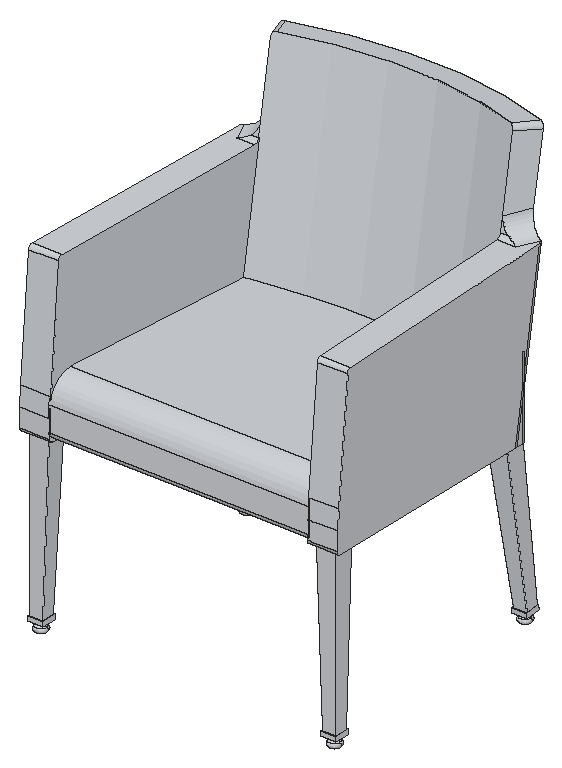
Revit family "Falcon-Metal-Tufgrain_9507-1", category Furniture, Revit 2017
Family settings
  OmniClass Number = 23.40.20.00
  Work Plane-Based = No
  Always vertical = Yes
  Cut with Voids When Loaded = No
  Shared = No
  Room Calculation Point = No
Parameters (values of type "9507-1")
  Width = 640.00 mm
  URL = "URL"
  Seat Material [instance] = none
  Product Documentation Link = "URL"
  Model = "9507-1 Lounge Chair"
  Manufacturer = "Falcon"
  Leg Material [instance] = none
  Inside Backrest Material [instance] = none
  Height = 880.00 mm
  Frame Material [instance] = none
  Description = "Tufgrain lounge chair"
  Depth = 646.00 mm
  Copyright © = "Inc"
  Outside Backrest Material [instance] = none
  Assembly Code = "E2020200"
Reference planes
  plane 1 "Center (Front/Back)": y = 0
  plane 2: z = 0
  plane 3 "Center (Left/Right)": x = 0
  plane 4: x = -320
  plane 5: y = -323
  plane 6: y = 323
  plane 7: x = 320
  plane 8: through (-246.936, 123.882, 1200) normal (-0.9994, 0.0349, 0)
  plane 9: through (-269.33, 252.635, 1200) normal (0.9135, 0.4067, 0)
  plane 10: through (-182.965, 58.657, 1200) normal (0.4067, -0.9135, 0)
Forms (mm)
  SweptBlend 1, solid, material <- "Leg Material"
    path origin (-355, -323, 1200) x (-1, 0, 0) y (0, 0, 1)
      loop
        line (-35, -790.071) -> (-35, -1181.88)
    profile origin (-320, -323, 409.929) x (0, 1, 0) y (-1, 0, 0)
      loop
        line (10.043, -10.043) -> (10.043, -50.214) -> (49.757, -50.214) -> (49.757, -10.043) -> (10.043, -10.043)
    end profile origin (-320, -323, 18.12) x (0, 1, 0) y (-1, 0, 0)
      loop
        line (35.643, -10.043) -> (10.043, -10.043) -> (10.043, -35.643) -> (35.643, -35.643) -> (35.643, -10.043)
  SweptBlend 2, solid, material <- "Leg Material"
    path origin (355, -323, 1200) x (1, 0, 0) y (0, 0, -1)
      loop
        line (-35, 790.071) -> (-35, 1181.88)
    profile origin (320, -323, 409.929) x (0, 1, 0) y (-1, 0, 0)
      loop
        line (10.043, 10.043) -> (49.757, 10.043) -> (49.757, 50.214) -> (10.043, 50.214) -> (10.043, 10.043)
    end profile origin (320, -323, 18.12) x (0, 1, 0) y (-1, 0, 0)
      loop
        line (35.643, 10.043) -> (35.643, 35.643) -> (10.043, 35.643) -> (10.043, 10.043) -> (35.643, 10.043)
  SweptBlend 3, solid, material <- "Leg Material"
    path origin (-339.765, 717.479, 1198.004) x (-1, 0, 0) y (0, 0, -1)
      loop
        line (-34.712, 839.829) -> (-34.712, 1179.914)
    profile origin (-305.054, 717.479, 358.175) x (0, -1, 0) y (1, 0, 0)
      loop
        line (542.66, 10.043) -> (582.375, 10.043) -> (582.375, 50.214) -> (542.66, 50.214) -> (542.66, 10.043)
    end profile origin (-305.054, 717.479, 18.089) x (0, -1, 0) y (1, 0, 0)
      loop
        line (528.768, 10.043) -> (528.768, 35.643) -> (503.168, 35.643) -> (503.168, 10.043) -> (528.768, 10.043)
  Extrusion 4, void
    sketch origin (0, 0, 0) x (0, 1, 0) y (0, 0, 1)
      loop
        line (225.115, 29.672) -> (185.279, 26.05) -> (185.279, 27.775) -> (-323, 27.775) -> (-323, 0) -> (225.115, 0) -> (225.115, 29.672)
    from -320 to 320
  Extrusion 5, solid, material <- "Seat Material"
    sketch origin (0, 0, 0) x (0, 1, 0) y (0, 0, 1)
      loop
        arc (209.594, 456.621) -> (-31.703, 476.171) -> (-273.757, 480.25) r 3783.679
        arc (-273.757, 480.25) -> (-308.622, 465.343) -> (-323, 430.256) r 50
        line (-323, 430.256) -> (-323, 379.683)
        arc (-323, 379.683) -> (-320.19, 372.733) -> (-313.338, 369.689) r 10
        line (-313.338, 369.689) -> (209.594, 351.984) -> (209.594, 456.621)
    from -320 to 320
  Extrusion 6, void
    sketch origin (-279.088, 214.52, 344.758) x (-1, 0, 0) y (0, -1, 0)
      loop
        line (-15.138, 577.865) -> (-543.039, 577.865) -> (-525.27, 69.049)
        spline (-525.27, 69.049) -> (-484.669, 61.55) -> (-443.834, 55.403) -> (-402.811, 50.614) -> (-361.648, 47.19) -> (-320.392, 45.134) -> (-279.088, 44.448) -> (-237.785, 45.134) -> (-196.528, 47.19) -> (-155.365, 50.614) -> (-114.343, 55.403) -> (-73.508, 61.55) -> (-32.906, 69.049)
        line (-32.906, 69.049) -> (-15.138, 577.865)
      loop
        line (77.955, -151.147) -> (77.955, 628.853) -> (-652.045, 628.853) -> (-652.045, -151.147) -> (77.955, -151.147)
    from -47.277 to 250
  Extrusion 7, solid, material <- "Inside Backrest Material"
    sketch origin (0, 232.056, 283.179) x (0, -0.984808, 0.173648) y (1, 0, 0)
      loop
        arc (85.134, 299.229) -> (9.728, 0) -> (85.134, -299.229) r 631.409
        arc (85.134, -299.229) -> (88.66, -302.982) -> (93.585, -304.483) r 10
        line (93.585, -304.483) -> (618.765, -323.106) -> (618.765, -262.599) -> (116.789, -244.799)
        arc (116.789, -244.799) -> (62.339, 0) -> (116.789, 244.799) r 577.509
        line (116.789, 244.799) -> (618.765, 262.599) -> (618.765, 323.106) -> (93.585, 304.483)
        arc (93.585, 304.483) -> (88.66, 302.982) -> (85.134, 299.229) r 10
    from -30.33 to 583.779
  Extrusion 8, void
    sketch origin (0, 0, 0) x (0, 1, 0) y (0, 0, 1)
      loop
        arc (176.684, 689.301) -> (183.112, 691.641) -> (186.532, 697.565) r 10
        line (186.532, 697.565) -> (241.954, 1011.88) -> (-429.859, 1011.88) -> (-429.859, 226.015) -> (277.874, 226.015) -> (277.874, 341.015) -> (-315.601, 361.107)
        arc (-315.601, 361.107) -> (-320.848, 363.439) -> (-323, 368.762) r 7.659
        line (-323, 368.762) -> (-323, 406.923)
        arc (-323, 406.923) -> (-322.546, 426.51) -> (-321.186, 446.054) r 423
        line (-321.186, 446.054) -> (-299.321, 681.404)
        arc (-299.321, 681.404) -> (-296.518, 687.031) -> (-290.656, 689.301) r 8.702
        line (-290.656, 689.301) -> (176.684, 689.301)
    from -454.128 to 470.004
  Extrusion 9, void
    sketch origin (-182.965, 58.657, 1200) x (0.913545, 0.406737, 0) y (0, 0, 1)
      loop
        line (9.274, -310.699) -> (-200, -310.699) -> (-200, -510.699) -> (-42.303, -510.699)
        arc (-42.303, -510.699) -> (-15.05, -499.977) -> (-2.406, -473.56) r 40
        line (-2.406, -473.56) -> (9.274, -310.699)
    from -259.853 to 250
  Extrusion 10, void
    sketch origin (182.965, 58.657, 1200) x (-0.913545, 0.406737, 0) y (0, 0, -1)
      loop
        line (9.274, 310.699) -> (-2.406, 473.56)
        arc (-2.406, 473.56) -> (-15.05, 499.977) -> (-42.303, 510.699) r 40
        line (-42.303, 510.699) -> (-200, 510.699) -> (-200, 310.699) -> (9.274, 310.699)
    from -259.853 to 250
  Sweep 11, void
    path origin (0, 333.428, 858.089) x (0, -0.984808, 0.173648) y (1, 0, 0)
      loop
        line (120.327, -243.2) -> (64.922, -268.248)
    profile origin (-255.724, 242.21, 874.174) x (-0.911205, -0.405695, 0.071535) y (0, 0.173648, 0.984808)
      loop
        line (3.492, -10) -> (3.492, 3.429) -> (-10, 3.429) -> (-10, 0)
        arc (-10, 0) -> (-2.929, -2.929) -> (0, -10) r 10
        line (0, -10) -> (3.492, -10)
  Sweep 12, void
    path origin (0, 333.428, 858.089) x (0, -0.984808, 0.173648) y (1, 0, 0)
      loop
        line (120.327, 243.2) -> (64.922, 268.248)
    profile origin (255.724, 242.21, 874.174) x (-0.911205, 0.405695, -0.071535) y (0, 0.173648, 0.984808)
      loop
        line (-3.492, -10) -> (0, -10)
        arc (0, -10) -> (2.929, -2.929) -> (10, 0) r 10
        line (10, 0) -> (10, 3.429) -> (-3.492, 3.429) -> (-3.492, -10)
  Extrusion 13, solid, material <- "Outside Backrest Material"
    sketch origin (0, 0, 0) x (1, 0, 0) y (0, 1, 0)
      loop
        arc (-304.482, 142.42) -> (1.105, 216.365) -> (304.482, 133.818) r 631.615
        line (304.482, 133.818) -> (304.482, 165.571)
        arc (304.482, 165.571) -> (303.045, 170.738) -> (299.145, 174.418) r 10
        arc (299.145, 174.418) -> (0, 248.422) -> (-299.145, 174.418) r 641.615
        arc (-299.145, 174.418) -> (-303.045, 170.738) -> (-304.482, 165.571) r 10
        line (-304.482, 165.571) -> (-304.482, 142.42)
    from 337.618 to 518.92
  SweptBlend 14, solid, material <- "Leg Material"
    path origin (339.765, 717.479, 1198.004) x (1, 0, 0) y (0, 0, 1)
      loop
        line (-34.712, -839.829) -> (-34.712, -1179.914)
    profile origin (305.054, 717.479, 358.175) x (0, -1, 0) y (1, 0, 0)
      loop
        line (542.66, -10.043) -> (542.66, -50.214) -> (582.375, -50.214) -> (582.375, -10.043) -> (542.66, -10.043)
    end profile origin (305.054, 717.479, 18.089) x (0, -1, 0) y (1, 0, 0)
      loop
        line (528.768, -10.043) -> (503.168, -10.043) -> (503.168, -35.643) -> (528.768, -35.643) -> (528.768, -10.043)
  Extrusion 15, solid
    sketch origin (0, -287.009, 27.775) x (-1, 0, 0) y (0, 1, 0)
      loop
        line (311.957, 2) -> (281.998, 2) -> (281.998, -27.948) -> (311.957, -27.948) -> (311.957, 2)
      loop
        line (-281.998, 2) -> (-311.957, 2) -> (-311.957, -27.948) -> (-281.998, -27.948) -> (-281.998, 2)
    from 0 to 9.972
  Revolve 16, solid
    sketch origin (-311.957, -299.983, 1200) x (-1, 0, 0) y (0, 0, 1)
      loop
        line (-14.98, -1181.88) -> (-14.98, -1200) -> (-6.423, -1200)
        arc (-6.423, -1200) -> (-2.217, -1196.845) -> (-4.068, -1191.923) r 4.382
        arc (-4.068, -1191.923) -> (-8.025, -1187.601) -> (-9.291, -1181.88) r 11.317
        line (-9.291, -1181.88) -> (-14.98, -1181.88)
      axis (-14.98, -1200) -> (-14.98, -1181.88)
    angle from 0 to 360
  Revolve 17, solid
    sketch origin (311.957, -299.983, 1200) x (1, 0, 0) y (0, 0, -1)
      loop
        line (-14.98, 1181.88) -> (-9.291, 1181.88)
        arc (-9.291, 1181.88) -> (-8.025, 1187.601) -> (-4.068, 1191.923) r 11.317
        arc (-4.068, 1191.923) -> (-2.217, 1196.845) -> (-6.423, 1200) r 4.382
        line (-6.423, 1200) -> (-14.98, 1200) -> (-14.98, 1181.88)
      axis (-14.98, 1200) -> (-14.98, 1181.88)
    angle from 0 to 360
  Revolve 18, solid
    sketch origin (-296.687, 201.267, 1200) x (-1, 0, 0) y (0, 0, 1)
      loop
        line (-14.98, -1181.88) -> (-14.98, -1200) -> (-6.423, -1200)
        arc (-6.423, -1200) -> (-2.217, -1196.845) -> (-4.068, -1191.923) r 4.382
        arc (-4.068, -1191.923) -> (-8.025, -1187.601) -> (-9.291, -1181.88) r 11.317
        line (-9.291, -1181.88) -> (-14.98, -1181.88)
      axis (-14.98, -1200) -> (-14.98, -1181.88)
    angle from 0 to 360
  Extrusion 19, solid
    sketch origin (0, 225.115, 29.672) x (0, -0.995893, -0.090536) y (-1, 0, 0)
      loop
        line (10.071, 297.011) -> (10.071, 266.954) -> (39.845, 267.069) -> (39.845, 297.011) -> (10.071, 297.011)
    from 0 to 10.316
  Revolve 20, solid
    sketch origin (296.687, 201.267, 1200) x (1, 0, 0) y (0, 0, -1)
      loop
        line (-14.98, 1181.88) -> (-9.291, 1181.88)
        arc (-9.291, 1181.88) -> (-8.025, 1187.601) -> (-4.068, 1191.923) r 11.317
        arc (-4.068, 1191.923) -> (-2.217, 1196.845) -> (-6.423, 1200) r 4.382
        line (-6.423, 1200) -> (-14.98, 1200) -> (-14.98, 1181.88)
      axis (-14.98, 1200) -> (-14.98, 1181.88)
    angle from 0 to 360
  Extrusion 21, solid
    sketch origin (0, 225.115, 29.672) x (0, -0.995893, -0.090536) y (-1, 0, 0)
      loop
        line (10.071, -297.011) -> (39.845, -297.011) -> (39.845, -267.069) -> (10.071, -266.954) -> (10.071, -297.011)
    from 0 to 10.316
Cuts and joins
  Extrusion 4 cuts SweptBlend 3
  Extrusion 4 cuts SweptBlend 1
  Extrusion 4 cuts SweptBlend 2
  Extrusion 6 cuts Extrusion 5
  Extrusion 8, Extrusion 9, Extrusion 10, Sweep 11, Sweep 12 cuts Extrusion 7
  Extrusion 8 cuts Extrusion 13
  Extrusion 4 cuts SweptBlend 14
Lines and regions (mm)
  Masking region 1
    outline origin (0, 0, 0) x (1, 0, 0) y (0, 1, 0)
      loop
        line (-304.483, 208.637) -> (-320, -323) -> (320, -323) -> (304.483, 208.637)
        arc (304.483, 208.637) -> (302.984, 213.634) -> (299.207, 217.234) r 10.183
        spline (299.207, 217.234) -> (294.836, 219.669) -> (290.622, 222.082) -> (286.557, 224.482) -> (282.711, 226.834) -> (279.166, 229.096) -> (275.974, 231.241) -> (273.184, 233.247) -> (270.836, 235.09) -> (268.971, 236.748) -> (267.619, 238.198) -> (266.804, 239.419) -> (266.524, 240.417)
        line (266.524, 240.417) -> (266.524, 264.001)
        spline (266.524, 264.001) -> (266.444, 264.264) -> (266.21, 264.592) -> (265.825, 264.98) -> (265.296, 265.421) -> (264.632, 265.908) -> (263.844, 266.433) -> (262.947, 266.986) -> (261.954, 267.557) -> (260.884, 268.138) -> (259.755, 268.717) -> (258.585, 269.286) -> (257.396, 269.835)
        spline (257.396, 269.835) -> (216.448, 286.17) -> (174.441, 299.646) -> (131.58, 310.196) -> (88.074, 317.769) -> (44.137, 322.326) -> (-0.016, 323.848) -> (-44.169, 322.324) -> (-88.105, 317.764) -> (-131.61, 310.189) -> (-174.471, 299.637) -> (-216.478, 286.159) -> (-257.425, 269.822)
        spline (-257.425, 269.822) -> (-258.612, 269.274) -> (-259.778, 268.706) -> (-260.904, 268.127) -> (-261.971, 267.548) -> (-262.96, 266.978) -> (-263.855, 266.426) -> (-264.639, 265.903) -> (-265.301, 265.418) -> (-265.828, 264.978) -> (-266.211, 264.591) -> (-266.444, 264.263) -> (-266.524, 264.001)
        line (-266.524, 264.001) -> (-266.524, 240.417)
        spline (-266.524, 240.417) -> (-266.804, 239.419) -> (-267.619, 238.198) -> (-268.971, 236.748) -> (-270.836, 235.09) -> (-273.184, 233.247) -> (-275.974, 231.241) -> (-279.166, 229.096) -> (-282.711, 226.834) -> (-286.557, 224.482) -> (-290.622, 222.082) -> (-294.836, 219.669) -> (-299.207, 217.234)
        arc (-299.207, 217.234) -> (-302.984, 213.634) -> (-304.483, 208.637) r 10.183
  symbolic lines, detail levels medium+fine
    curve 1: line (-262.541, -323, 0) -> (-243.616, 218.956, 0)
    curve 2: line (243.616, 218.956, 0) -> (262.541, -323, 0)
    curve 3: spline (-246.182, 145.471, 0) -> (-205.58, 152.97, 0) -> (-164.745, 159.117, 0) -> (-123.723, 163.906, 0) -> (-82.56, 167.33, 0) -> (-41.304, 169.386, 0) -> (0, 170.072, 0) -> (41.304, 169.386, 0) -> (82.56, 167.33, 0) -> (123.723, 163.906, 0) -> (164.745, 159.117, 0) -> (205.58, 152.97, 0) -> (246.182, 145.471, 0)
    curve 4: spline (-243.616, 218.956, 0) -> (-205.005, 234.996, 0) -> (-165.314, 248.236, 0) -> (-124.753, 258.607, 0) -> (-83.536, 266.055, 0) -> (-41.878, 270.539, 0) -> (0, 272.036, 0) -> (41.878, 270.539, 0) -> (83.536, 266.055, 0) -> (124.753, 258.607, 0) -> (165.314, 248.236, 0) -> (205.005, 234.996, 0) -> (243.616, 218.956, 0)
Dimensions and locks
  equal spacing: plane 5, plane 1 "Center (Front/Back)", plane 6
  equal spacing: plane 4, plane 3 "Center (Left/Right)", plane 7
  "Width": plane 4 to plane 7
  "Depth": plane 5 to plane 6
  radius of Extrusion 5 sketch curve = 50.00 mm
  radius of Extrusion 5 sketch curve = 10.00 mm
  radius of Extrusion 8 sketch curve = 7.659 mm
  aligned and locked: level to plane 2
  aligned and locked: plane 3 "Center (Left/Right)" to nested 1
  aligned and locked: plane 1 "Center (Front/Back)" to nested 1
  aligned and locked: Extrusion 4 to plane 4
  aligned and locked: Extrusion 4 to plane 7
  aligned and locked: Extrusion 5 to plane 7
  aligned and locked: Extrusion 5 to plane 4
Automatic sketch dimensions
  SweptBlend 1 sketch curve to plane 4 = 0.00 mm
  level to SweptBlend 1 sketch curve = 18.12 mm
  SweptBlend 1 sketch curve to SweptBlend 1 sketch curve = 391.808 mm
  plane 5 to SweptBlend 1 sketch curve = 10.043 mm  (x2)
  profile plane to SweptBlend 1 sketch curve = 10.043 mm  (x2)
  SweptBlend 1 sketch curve to SweptBlend 1 sketch curve = 25.60 mm  (x2)
  SweptBlend 1 sketch curve to SweptBlend 1 sketch curve = 39.715 mm
  SweptBlend 1 sketch curve to SweptBlend 1 sketch curve = 40.171 mm
  plane 7 to SweptBlend 2 sketch curve = 0.00 mm
  level to SweptBlend 2 sketch curve = 409.929 mm
  level to SweptBlend 2 sketch curve = 18.12 mm
  plane 5 to SweptBlend 2 sketch curve = 10.043 mm  (x2)
  SweptBlend 2 sketch curve to profile plane = 10.043 mm  (x2)
  SweptBlend 2 sketch curve to SweptBlend 2 sketch curve = 25.60 mm  (x2)
  SweptBlend 2 sketch curve to SweptBlend 2 sketch curve = 39.715 mm
  SweptBlend 2 sketch curve to SweptBlend 2 sketch curve = 40.171 mm
  plane 4 to SweptBlend 3 sketch curve = 14.946 mm
  level to SweptBlend 3 sketch curve = 358.175 mm
  level to SweptBlend 3 sketch curve = 18.089 mm
  SweptBlend 3 sketch curve to profile plane = 10.043 mm  (x2)
  profile plane to SweptBlend 3 sketch curve = 503.168 mm
  SweptBlend 3 sketch curve to SweptBlend 3 sketch curve = 25.60 mm  (x2)
  SweptBlend 3 sketch curve to profile plane = 50.214 mm
  profile plane to SweptBlend 3 sketch curve = 542.66 mm
  SweptBlend 3 sketch curve to SweptBlend 3 sketch curve = 39.715 mm
  Extrusion 4 sketch curve to plane 5 = 0.00 mm
  Extrusion 4 sketch curve to level = 0.00 mm
  level to Extrusion 4 sketch curve = 27.775 mm
  plane 6 to Extrusion 4 sketch curve = 137.721 mm
  Extrusion 4 sketch curve to Extrusion 4 sketch curve = 39.836 mm
  Extrusion 4 sketch curve to Extrusion 4 sketch curve = 1.724 mm
  level to Extrusion 4 sketch curve = 29.672 mm
  Extrusion 5 sketch curve to plane 5 = 0.00 mm
  plane 5 to Extrusion 5 sketch curve = 9.662 mm
  plane 6 to Extrusion 5 sketch curve = 113.406 mm
  Extrusion 5 sketch curve to level = 3302.995 mm
  level to Extrusion 5 sketch curve = 351.984 mm
  Extrusion 5 sketch curve to Extrusion 5 sketch curve = 50.573 mm
  Extrusion 5 sketch curve to Extrusion 5 sketch curve = 104.637 mm
  Extrusion 6 sketch curve to plane 3 "Center (Left/Right)" = 0.00 mm
  Extrusion 6 sketch curve to plane 8 = 0.00 mm  (x2)
  plane 7 to Extrusion 6 sketch curve = 73.818 mm
  plane 7 to Extrusion 6 sketch curve = 56.05 mm
  Extrusion 6 sketch curve to plane 7 = 52.957 mm
  plane 4 to Extrusion 6 sketch curve = 73.818 mm
  Extrusion 6 sketch curve to plane 5 = 40.345 mm
  Extrusion 6 sketch curve to plane 4 = 37.043 mm
  Extrusion 6 sketch curve to plane 6 = 42.666 mm
  Extrusion 6 sketch curve to plane 5 = 91.334 mm
  Extrusion 6 sketch curve to plane 4 = 905.543 mm
  Extrusion 6 sketch curve to plane 5 = 713.853 mm
  Extrusion 7 sketch curve to plane 3 "Center (Left/Right)" = 0.00 mm
  plane 7 to Extrusion 7 sketch curve = 15.517 mm
  plane 4 to Extrusion 7 sketch curve = 15.517 mm
  Extrusion 7 sketch curve to Extrusion 7 sketch curve = 0.00 mm  (x3)
  Extrusion 7 sketch curve to Extrusion 7 sketch curve = 0.354 mm  (x2)
  plane 4 to Extrusion 7 sketch curve = 75.201 mm
  Extrusion 7 sketch curve to Extrusion 7 sketch curve = 22.85 mm
  plane 7 to Extrusion 7 sketch curve = 75.201 mm
  Extrusion 7 sketch curve to plane 4 = 3.106 mm
  Extrusion 7 sketch curve to Extrusion 7 sketch curve = 501.976 mm  (x2)
  Extrusion 7 sketch curve to plane 7 = 3.106 mm
  Extrusion 7 sketch curve to Extrusion 7 sketch curve = 21.083 mm
  plane 3 "Center (Left/Right)" to Extrusion 7 sketch curve = 0.00 mm
  Extrusion 7 sketch curve to Extrusion 7 sketch curve = 1.289 mm
  Extrusion 7 sketch curve to Extrusion 7 sketch curve = 9.994 mm  (x2)
  plane 4 to Extrusion 7 sketch curve = 57.401 mm
  plane 7 to Extrusion 7 sketch curve = 57.401 mm
  Extrusion 7 sketch curve to Extrusion 7 sketch curve = 8.451 mm
  Extrusion 8 sketch curve to plane 5 = 0.00 mm
  Extrusion 8 sketch curve to plane 5 = 106.859 mm
  plane 5 to Extrusion 8 sketch curve = 1.814 mm
  plane 5 to Extrusion 8 sketch curve = 7.399 mm
  Extrusion 8 sketch curve to plane 1 "Center (Front/Back)" = 100.00 mm
  plane 6 to Extrusion 8 sketch curve = 146.316 mm
  Extrusion 8 sketch curve to Extrusion 8 sketch curve = 9.848 mm
  plane 6 to Extrusion 8 sketch curve = 81.046 mm
  plane 6 to Extrusion 8 sketch curve = 45.126 mm
  level to Extrusion 8 sketch curve = 226.015 mm
  Extrusion 8 sketch curve to Extrusion 8 sketch curve = 115.00 mm
  Extrusion 8 sketch curve to Extrusion 8 sketch curve = 38.162 mm
  Extrusion 8 sketch curve to Extrusion 8 sketch curve = 8.264 mm
  Extrusion 8 sketch curve to Extrusion 8 sketch curve = 314.316 mm
  Extrusion 9 sketch curve to plane 9 = 200.00 mm
  Extrusion 9 sketch curve to plane 9 = 42.303 mm
  Extrusion 9 sketch curve to plane 9 = 2.406 mm
  plane 9 to Extrusion 9 sketch curve = 9.274 mm
  level to Extrusion 9 sketch curve = 689.301 mm
  Extrusion 9 sketch curve to Extrusion 9 sketch curve = 37.139 mm
  level to Extrusion 10 sketch curve = 689.301 mm
  Extrusion 10 sketch curve to Extrusion 10 sketch curve = 157.697 mm
  level to Extrusion 10 sketch curve = 726.44 mm
  Extrusion 10 sketch curve to Extrusion 10 sketch curve = 39.898 mm
  Extrusion 10 sketch curve to Extrusion 10 sketch curve = 11.68 mm
  Sweep 11 sketch curve to Extrusion 7 = 553.843 mm
  Sweep 11 sketch curve to Extrusion 7 = 25.272 mm
  Sweep 11 sketch curve to Sweep 11 sketch curve = 55.405 mm
  Sweep 11 sketch curve to Sweep 11 sketch curve = 25.048 mm
  profile plane to Sweep 11 sketch curve = 0.00 mm
  Sweep 11 sketch curve to profile plane = 0.00 mm
  profile plane to Sweep 11 sketch curve = 10.00 mm
  Sweep 11 sketch curve to profile plane = 3.492 mm
  Sweep 11 sketch curve to Sweep 11 sketch curve = 3.429 mm
  Sweep 12 sketch curve to Extrusion 7 = 553.843 mm
  Sweep 12 sketch curve to Extrusion 7 = 498.438 mm
  Extrusion 7 to Sweep 12 sketch curve = 1.724 mm
  Sweep 12 sketch curve to Sweep 12 sketch curve = 25.048 mm
  Sweep 12 sketch curve to profile plane = 0.00 mm
  profile plane to Sweep 12 sketch curve = 0.00 mm
  Sweep 12 sketch curve to Sweep 12 sketch curve = 3.492 mm
  Sweep 12 sketch curve to profile plane = 10.00 mm
  Sweep 12 sketch curve to Sweep 12 sketch curve = 3.429 mm
  Extrusion 13 sketch curve to plane 3 "Center (Left/Right)" = 0.00 mm
  Extrusion 13 sketch curve to plane 3 "Center (Left/Right)" = 7.816 mm
  plane 4 to Extrusion 13 sketch curve = 25.518 mm
  Extrusion 13 sketch curve to Extrusion 13 sketch curve = 10.00 mm
  plane 7 to Extrusion 13 sketch curve = 25.518 mm
  plane 7 to Extrusion 13 sketch curve = 15.518 mm
  Extrusion 13 sketch curve to plane 5 = 92.187 mm
  Extrusion 13 sketch curve to Extrusion 13 sketch curve = 21.995 mm
  Extrusion 13 sketch curve to plane 1 "Center (Front/Back)" = 133.818 mm
  Extrusion 13 sketch curve to Extrusion 13 sketch curve = 31.753 mm
  Extrusion 13 sketch curve to Extrusion 13 sketch curve = 23.151 mm
  Extrusion 13 sketch curve to Extrusion 13 sketch curve = 0.00 mm
  plane 7 to SweptBlend 14 sketch curve = 14.946 mm
  level to SweptBlend 14 sketch curve = 18.089 mm
  SweptBlend 14 sketch curve to SweptBlend 14 sketch curve = 340.086 mm
  profile plane to SweptBlend 14 sketch curve = 10.043 mm  (x2)
  profile plane to SweptBlend 14 sketch curve = 503.168 mm
  SweptBlend 14 sketch curve to SweptBlend 14 sketch curve = 25.60 mm  (x2)
  profile plane to SweptBlend 14 sketch curve = 50.214 mm
  profile plane to SweptBlend 14 sketch curve = 542.66 mm
  SweptBlend 14 sketch curve to SweptBlend 14 sketch curve = 39.715 mm
  Extrusion 15 sketch curve to Extrusion 4 = 8.043 mm  (x2)
  Extrusion 15 sketch curve to Extrusion 15 sketch curve = 29.959 mm
  Extrusion 15 sketch curve to Extrusion 4 = 38.002 mm
  Extrusion 4 to Extrusion 15 sketch curve = 37.991 mm  (x2)
  Extrusion 4 to Extrusion 15 sketch curve = 8.043 mm  (x2)
  Revolve 16 sketch curve to level = 0.00 mm
  plane 4 to Revolve 16 sketch curve = 23.022 mm
  Revolve 16 sketch curve to Revolve 16 sketch curve = 5.689 mm
  level to Revolve 16 sketch curve = 4.382 mm
  Revolve 16 sketch curve to Revolve 16 sketch curve = 8.556 mm
  plane 4 to Revolve 16 sketch curve = 6.027 mm
  Revolve 16 sketch curve to Revolve 16 sketch curve = 13.238 mm
  Revolve 16 sketch curve to Revolve 16 sketch curve = 10.044 mm
  Revolve 16 sketch curve to Revolve 16 sketch curve = 0.00 mm  (x2)
  Revolve 16 sketch curve to Revolve 16 sketch curve = 13.373 mm
  Revolve 17 sketch curve to level = 0.00 mm
  plane 7 to Revolve 17 sketch curve = 23.022 mm
  Revolve 17 sketch curve to Revolve 17 sketch curve = 5.689 mm
  level to Revolve 17 sketch curve = 4.382 mm
  Revolve 17 sketch curve to Revolve 17 sketch curve = 8.556 mm
  plane 7 to Revolve 17 sketch curve = 6.027 mm
  Revolve 17 sketch curve to Revolve 17 sketch curve = 13.238 mm
  Revolve 17 sketch curve to Revolve 17 sketch curve = 10.044 mm
  Revolve 17 sketch curve to Revolve 17 sketch curve = 0.00 mm  (x2)
  Revolve 17 sketch curve to Revolve 17 sketch curve = 13.373 mm
  Revolve 18 sketch curve to level = 0.00 mm
  level to Revolve 18 sketch curve = 18.12 mm
  plane 4 to Revolve 18 sketch curve = 38.293 mm
  Revolve 18 sketch curve to Revolve 18 sketch curve = 5.689 mm
  level to Revolve 18 sketch curve = 4.382 mm
  Revolve 18 sketch curve to Revolve 18 sketch curve = 8.556 mm
  Revolve 18 sketch curve to Revolve 18 sketch curve = 11.306 mm
  Revolve 18 sketch curve to Revolve 18 sketch curve = 0.501 mm
  Revolve 18 sketch curve to Revolve 18 sketch curve = 0.00 mm  (x2)
  Revolve 18 sketch curve to Revolve 18 sketch curve = 13.373 mm
  Extrusion 4 to Extrusion 19 sketch curve = 10.071 mm
  Extrusion 4 to Extrusion 19 sketch curve = 0.155 mm
  Extrusion 4 to Extrusion 19 sketch curve = 53.046 mm
  Extrusion 19 sketch curve to Extrusion 19 sketch curve = 0.115 mm
  Extrusion 4 to Extrusion 19 sketch curve = 22.989 mm
  Revolve 20 sketch curve to level = 0.00 mm
  level to Revolve 20 sketch curve = 18.12 mm
  plane 7 to Revolve 20 sketch curve = 38.293 mm
  Revolve 20 sketch curve to Revolve 20 sketch curve = 5.689 mm
  level to Revolve 20 sketch curve = 4.382 mm
  Revolve 20 sketch curve to Revolve 20 sketch curve = 8.556 mm
  Revolve 20 sketch curve to Revolve 20 sketch curve = 11.306 mm
  Revolve 20 sketch curve to Revolve 20 sketch curve = 0.501 mm
  Revolve 20 sketch curve to Revolve 20 sketch curve = 0.00 mm  (x2)
  Revolve 20 sketch curve to Revolve 20 sketch curve = 13.373 mm
  Extrusion 4 to Extrusion 21 sketch curve = 10.071 mm
  Extrusion 4 to Extrusion 21 sketch curve = 0.155 mm
  Extrusion 4 to Extrusion 21 sketch curve = 22.989 mm
  Extrusion 21 sketch curve to Extrusion 21 sketch curve = 29.942 mm
  Extrusion 21 sketch curve to Extrusion 21 sketch curve = 0.115 mm
  Masking region 1 sketch curve to plane 4 = 0.00 mm
  Masking region 1 sketch curve to plane 7 = 0.00 mm
  plane 4 to Masking region 1 sketch curve = 20.793 mm
  Masking region 1 sketch curve to Masking region 1 sketch curve = 4.903 mm  (x2)
  plane 4 to Masking region 1 sketch curve = 53.476 mm
  plane 7 to Masking region 1 sketch curve = 53.476 mm
  plane 7 to Masking region 1 sketch curve = 25.696 mm
  plane 6 to Masking region 1 sketch curve = 114.691 mm  (x2)
  Masking region 1 sketch curve to Masking region 1 sketch curve = 8.925 mm  (x2)
  Masking region 1 sketch curve to Masking region 1 sketch curve = 23.183 mm  (x2)
  Masking region 1 sketch curve to Masking region 1 sketch curve = 23.584 mm  (x2)
  Masking region 1 sketch curve to Masking region 1 sketch curve = 5.276 mm
  Masking region 1 sketch curve to Masking region 1 sketch curve = 0.001 mm  (x2)
  Masking region 1 sketch curve to Masking region 1 sketch curve = 0.024 mm  (x2)
  Masking region 1 sketch curve to Masking region 1 sketch curve = 9.099 mm
  Masking region 1 sketch curve to Masking region 1 sketch curve = 0.00 mm  (x3)
  plane 3 "Center (Left/Right)" to Masking region 1 sketch curve = 0.00 mm
  Masking region 1 sketch curve to Masking region 1 sketch curve = 9.127 mm
  Masking region 1 sketch curve to Masking region 1 sketch curve = 0.029 mm
  Masking region 1 sketch curve to Masking region 1 sketch curve = 5.275 mm
  Masking region 1 sketch curve to Masking region 1 sketch curve = 311.409 mm
  Masking region 1 sketch curve to Masking region 1 sketch curve = 0.118 mm
  Masking region 1 sketch curve to plane 5 = 0.00 mm
  plane 5 to Extrusion 5 sketch curve = 106.546 mm
  plane 5 to Extrusion 8 sketch curve = 23.679 mm
  Extrusion 8 sketch curve to Extrusion 8 sketch curve = 8.664 mm
  plane 5 to Masking region 1 sketch curve = 25.031 mm
  curve 1 to plane 5 = 0.00 mm
  curve 1 to plane 8 = 0.00 mm
  curve 3 to plane 8 = 0.00 mm
  curve 3 to plane 3 "Center (Left/Right)" = 0.00 mm
  curve 2 to plane 5 = 0.00 mm
  plane 7 to curve 2 = 76.384 mm
  curve 3 to plane 4 = 905.543 mm
  plane 7 to curve 2 = 57.459 mm
  curve 3 to plane 5 = 713.853 mm
  curve 4 to plane 3 "Center (Left/Right)" = 0.00 mm
  plane 5 to curve 4 = 26.30 mm
  curve 4 to plane 4 = 257.509 mm
  curve 4 to curve 3 = 2.566 mm
  curve 3 to curve 1 = 2.566 mm
Nested families
  nested 1: "Label 1-16" at (0, 0, 0), type "Center"
    with Offset (LR) 0.00 mm
Definition of nested family "Label 1-16"
  Parameters (values of type "Center")
    P_Width = 0.00 mm
    Text_Width = "Empty"
    Text_Height = "Empty"
    Text_Diameter = "Empty"
    Text_Depth = "Empty"
    Offset (LR) [instance] = 0.00 mm
    Model Name = "6961"
    P_Height = 0.00 mm
    Distance of Center (not Change) = 0.00 mm
    P_Diameter = 0.00 mm
    P_Depth = 0.00 mm
  Reference planes
    plane 1: y = 0
    plane 2: x = 0
  Lines and regions (mm)
    reference lines
      curve 1: line (-11.267, 0, 0) -> (10.436, 0, 0)
      curve 3: line (0, 8.271, 0) -> (0, -10.216, 0)
    reference lines, not visible
      curve 2: line (-11.267, 2.5, 0) -> (10.436, 2.5, 0)
      curve 4: line (0, 10.771, 0) -> (0, -7.716, 0)
  Text (mm)
    label "Empty" at (0.05, -0.201, 0), shows "Model Name"
    label "Empty" at (0.05, 2.299, 0), shows "Model Name", not visible
  Dimensions and locks
    "Distance of Center (not Change)": plane 1 to curve 1
    "Offset (LR)": curve 3 to plane 2
  Automatic sketch dimensions
    curve 1 to curve 3 = 11.267 mm
    curve 3 to curve 1 = 10.436 mm
    curve 3 to curve 1 = 10.216 mm
    curve 1 to curve 3 = 8.271 mm
    curve 2 to curve 4 = 11.267 mm
    curve 4 to curve 2 = 10.436 mm
    curve 4 to curve 2 = 10.216 mm
    curve 2 to curve 4 = 8.271 mm
